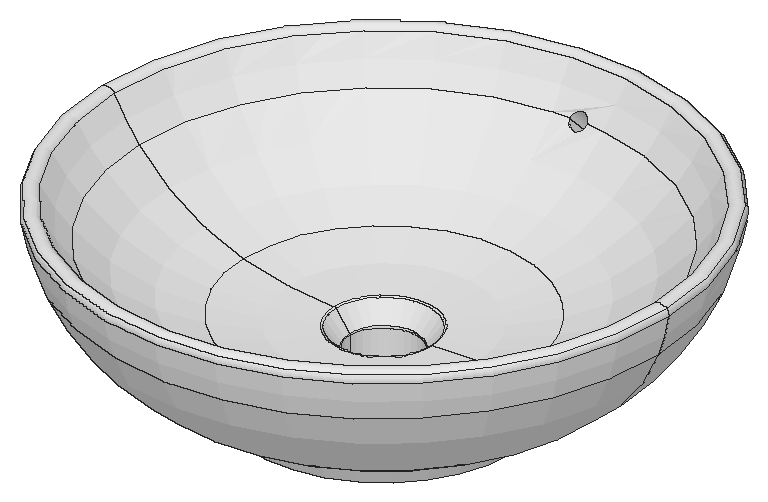
Revit family "Basin-Countertop-Sloan-SS-3036", category Plumbing Fixtures, Revit 2014
Parameters (values of type "SS-3036")
  Waste Connection Radius = 3/4"
  Waste Connection Diameter = Waste Connection Radius * 2  # 1 1/2"
  Waste Connection = yes
  Warranty Information = "3 Years"
  WFU = 2
  Vent Connection = no
  URL = "https://www.sloan.com/"
  Price = "Prices may vary. Please consult Manufacturer Representative for most up-to-date price list."  # constant formula
  Model = "SS-3036"
  Material = "Vitreous China-Sloan-White"
  Manufacturer = "SLOAN"
  Length = 16 1/2"
  Installation Type = "Countertop"
  IAPMO Compliance = "cUPC"
  Hot Water Connection Radius = 1/4"
  Hot Water Connection Diameter = Hot Water Connection Radius * 2  # 1/2"
  Height = 5 1/2"
  HWFU = 1.5
  HW Connection = yes
  Description = "Round Vessel Lavatory, 16-1/2” diameter x 5-1/2” high."
  Default Elevation = 34"
  Creation Date = "10/24/2016"
  Cold Water Connection Radius = 1/4"
  Cold Water Connection Diameter = Cold Water Connection Radius * 2  # 1/2"
  CWFU = 1.5
  CW Connection = yes
  Basin Shape = "Round Vessel"
  Assembly Code = "D2010300"
  ADA Compliant = yes
Reference planes (in)
  plane 1 "Center (Front/Back)": y = 0
  plane 2: z = 0
  plane 3 "Center (Left/Right)": x = 0
  plane 4: y = -24
  plane 5: y = -22
  plane 6: z = 5.5
  plane 7: y = -5.12109
  plane 8: x = 8.39844
  plane 9: x = -8.39844
  plane 10: x = 1
  plane 11: x = -1
  plane 12: y = -12.56055
  plane 13: y = -14.56055
  plane 14: y = -13.56055
  plane 15: z = 2
  plane 16: z = 0.87891
  plane 17: z = 0.87891
  plane 18: y = -7.12109
  plane 19: x = 4
  plane 20: x = -4
  plane 21: z = -11
  plane 22: z = -12.75
Forms (in)
  Sweep 1, solid, material "Vitreous China-Sloan-White"
    path origin (0, 0, 0) x (1, 0, 0) y (0, 1, 0)
      loop
        circle (0, -13.56055) r 8.43945
    profile origin (0, -5.12109, 0) x (0, -1, 0) y (0, 0, 1)
      loop
        line (7.43945, 0) -> (7.43945, 1.4005)
        arc (7.43945, 1.4005) -> (7.43597, 1.42198) -> (7.42587, 1.44125) r 0.06793
        line (7.42587, 1.44125) -> (7.02593, 1.97473)
        arc (7.02593, 1.97473) -> (7.00369, 1.99325) -> (6.97549, 1.99981) r 0.06267
        arc (6.97549, 1.99981) -> (5.61535, 2.08123) -> (4.27693, 2.33672) r 10.58368
        arc (4.27693, 2.33672) -> (2.5867, 3.06441) -> (1.19542, 4.26889) r 6.01762
        arc (1.19542, 4.26889) -> (0.79492, 4.79722) -> (0.45498, 5.3664) r 6.01762
        arc (0.45498, 5.3664) -> (0.26563, 5.4936) -> (0.05557, 5.40467) r 0.23965
        arc (0.05557, 5.40467) -> (0.00852, 5.31137) -> (0.00303, 5.20701) r 0.25391
        arc (0.00303, 5.20701) -> (0.12107, 4.64839) -> (0.29816, 4.10558) r 5.33317
        arc (0.29816, 4.10558) -> (1.06993, 2.74528) -> (2.20311, 1.66736) r 5.33317
        arc (2.20311, 1.66736) -> (3.13346, 1.16078) -> (4.15459, 0.87891) r 4.63031
        line (4.15459, 0.87891) -> (4.60242, 0) -> (7.43945, 0)
  Revolve 2, void
    sketch origin (0, 0, 0) x (0, 1, 0) y (0, 0, 1)
      loop
        line (-10.84919, 0) -> (-11.23866, 1.43248)
        arc (-11.23866, 1.43248) -> (-11.27432, 1.48554) -> (-11.33488, 1.50604) r 0.09971
        line (-11.33488, 1.50604) -> (-11.83936, 1.50604)
        arc (-11.83936, 1.50604) -> (-11.9868, 1.45383) -> (-12.06852, 1.32047) r 0.23427
        line (-12.06852, 1.32047) -> (-12.34919, 0) -> (-10.84919, 0)
      axis (-13.56055, 1.50604) -> (-13.56055, 0)
    angle from 0 to 360
  Extrusion 3, void
    sketch origin (0, 0, 0) x (0, 1, 0) y (0, 0, -1)
      loop
        line (-11.35734, -1.50676) -> (-10.95886, -1.50676)
        arc (-10.95886, -1.50676) -> (-7.57663, -2.42393) -> (-5.12109, -4.92415) r 6.69489
        line (-5.12109, -4.92415) -> (-5.12109, -2.60085)
        arc (-5.12109, -2.60085) -> (-7.63763, -0.56058) -> (-10.79416, 0.1688) r 7.19489
        line (-10.79416, 0.1688) -> (-11.35734, 0.1688) -> (-11.35734, -1.50676)
    from 0.5 to 1.25
  Extrusion 4, void
    sketch origin (0, 0, 0) x (0, 1, 0) y (0, 0, 1)
      loop
        line (-11.30633, 1.50676) -> (-11.30633, -0.1688) -> (-10.79416, -0.1688)
        arc (-10.79416, -0.1688) -> (-7.63763, 0.56058) -> (-5.12109, 2.60085) r 7.19489
        line (-5.12109, 2.60085) -> (-5.12109, 4.92415)
        arc (-5.12109, 4.92415) -> (-7.57663, 2.42393) -> (-10.95886, 1.50676) r 6.69489
        line (-10.95886, 1.50676) -> (-11.30633, 1.50676)
    from 0.5 to 1.25
  Extrusion 5, solid, material "Vitreous China-Sloan-White"
    sketch origin (0, -2.42937, 0) x (0, -1, 0) y (0, 0, -1)
      loop
        line (10.06868, 0) -> (8.19253, 0) -> (7.8922, -0.49982)
        arc (7.8922, -0.49982) -> (6.3458, -0.89328) -> (4.85371, -1.45883) r 14.10942
        arc (4.85371, -1.45883) -> (3.65636, -2.37759) -> (3.00663, -3.73979) r 3.2325
        line (3.00663, -3.73979) -> (2.69476, -5.20701) -> (3.29313, -4.40887) -> (5.19259, -1.875) -> (9.72992, -1.875) -> (10.06868, -1.42314) -> (10.06868, 0)
    from -0.5 to 0.5
  Extrusion 6, void
    sketch origin (0, 0, 0) x (1, 0, 0) y (0, 1, 0)
      loop
        line (-2.677, -12.05503) -> (-2.76383, -11.56263) -> (-2.90153, -11.56263)
        arc (-2.90153, -11.56263) -> (0, -17.12308) -> (2.90153, -11.56263) r 3.53726
        line (2.90153, -11.56263) -> (2.76383, -11.56263) -> (2.677, -12.05503)
        arc (2.677, -12.05503) -> (0, -16.70111) -> (-2.677, -12.05503) r 3.09426
    from 0 to 0.61663
  Extrusion 7, void
    sketch origin (0, 3.37567, 4.60523) x (1, 0, 0) y (0, 0.707107, 0.707107)
      loop
        circle (0, -7.12109) r 0.25
    from 5.63602 to 6.78245
  Extrusion 8, solid, not visible
    sketch origin (0, 0, 0) x (1, 0, 0) y (0, 0, 1)
      loop
        circle (-4, -11) r 0.25
      loop
        circle (4, -11) r 0.25
      loop
        circle (0, -12.75) r 0.75
    from -0.02375 to 0
Cuts and joins
  Revolve 2, Extrusion 3, Extrusion 4, Extrusion 6, Extrusion 7 cuts Sweep 1
  Extrusion 6, Extrusion 7 cuts Extrusion 5
  joined: Sweep 1, Extrusion 5
Lines and regions (in)
  Masking region 1
    outline origin (0, 0, 0) x (1, 0, 0) y (0, 1, 0)
      loop
        circle (0, -13.56055) r 8.43945
  symbolic lines, detail levels medium+fine
    curve 1: circle (0, -13.56055, 0) r 1 normal (0, 0, 1)
    curve 3: spline (-0.24847, -6.32078, 0) -> (-0.20353, -6.24384, 0) -> (-0.10588, -6.19117, 0) -> (0.01919, -6.17641, 0) -> (0.13929, -6.20339, 0) -> (0.22332, -6.26512, 0) -> (0.24951, -6.34561, 0) -> (0.21108, -6.42401, 0) -> (0.11799, -6.48003, 0) -> (-0.00567, -6.49915, 0) -> (-0.12785, -6.47642, 0) -> (-0.21692, -6.41773, 0) -> (-0.24982, -6.33828, 0)
    curve 4: circle (0, -13.56055, 0) r 7.875 normal (0, 0, 1)
  symbolic lines, detail levels fine
    curve 2: circle (0, -13.56055, 0) r 1.40602 normal (0, 0, 1)
Dimensions and locks (in)
  level to plane 21 = 11"
  level to plane 22 = 12 3/4"
Connectors (in)
  piping at (-4, 0.02375, -11), diameter 0.5, driven by "HWFU", driven by "Hot Water Connection Diameter"
    settings: on Extrusion 8, index 1, connector inside diameter 24", connector length 0", flow factor 0, pipe flow 0 GPM, pressure drop 0.00 psi, fitting loss kfactor 0, connector angle 0.00°, fixture units 1.5, engagement length 0", angle of deflection 0.00°, flow configuration 3, flow direction 1, fitting loss method 0, system type 19, joint type 0, gender type 0, connector reference index -1, connector utility 0, adjustable connector no, is connector primary yes, connector description "1/2\" HW Inlet Supply"
  piping at (0, 0.02375, -12.75), diameter 1.5, driven by "Waste Connection Diameter", driven by "WFU"
    settings: on Extrusion 8, index 2, connector inside diameter 24", connector length 0", flow factor 0, pipe flow 0 GPM, pressure drop 0.00 psi, fitting loss kfactor 0, connector angle 0.00°, fixture units 2, engagement length 0", angle of deflection 0.00°, flow configuration 3, flow direction 2, fitting loss method 0, system type 16, joint type 0, gender type 0, connector reference index -1, connector utility 0, adjustable connector yes, is connector primary no, connector description "1-1/2\" Waste Outlet"
  piping at (4, 0.02375, -11), diameter 0.5, driven by "CWFU", driven by "Cold Water Connection Diameter"
    settings: on Extrusion 8, index 3, connector inside diameter 24", connector length 0", flow factor 0, pipe flow 0 GPM, pressure drop 0.00 psi, fitting loss kfactor 0, connector angle 0.00°, fixture units 1.5, engagement length 0", angle of deflection 0.00°, flow configuration 3, flow direction 1, fitting loss method 0, system type 20, joint type 0, gender type 0, connector reference index -1, connector utility 0, adjustable connector no, is connector primary no, connector description "1/2\" CW Inlet Supply"
